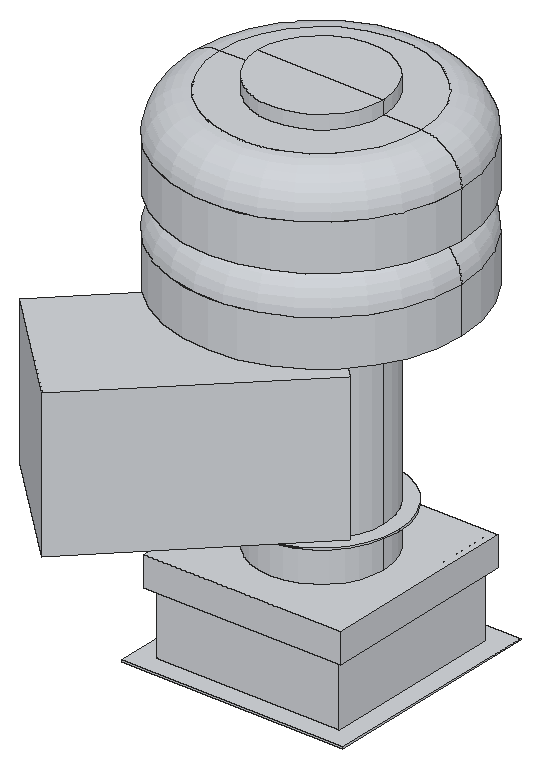
Revit family "QMXS", category Mechanical Equipment, Revit 2019
Family settings
  Round Connector Dimension = Use Diameter
  Part Type = Normal
  Work Plane-Based = No
  Always vertical = Yes
  Cut with Voids When Loaded = No
  Shared = No
  Room Calculation Point = No
Parameters (values of type "90_QMXS")
  Unit Weight [instance] = ""
  T_SQ/2 = T_SQ / 2  # 0' - 7 3/4"
  T_SQ = B - 0' 4 1/2"  # 1' - 3 1/2"
  Sones [instance] = ""
  QMX_LENGTH = 1' - 7 7/8"
  Motor RPM [instance] = ""
  Motor Enclosure [instance] = ""
  ModelID [instance] = ""
  MC_LENGTH = QMX_LENGTH * 0.8  # 1' - 3.9"
  LwA [instance] = ""
  G/2 = G / 2  # 1' - 2 9/32"
  G = 2' - 4 9/16"
  Fan RPM [instance] = ""
  FAN_RADIUS/5 = FAN_RADIUS / 5  # 0' - 1 9/32"
  FAN_RADIUS = FAN_DIA / 2  # 0' - 6 13/32"
  FAN_RAD+1.5" = FAN_RADIUS + 0' 1 1/2"  # 0' - 7 29/32"
  FAN_DIA = 1' - 0 13/16"
  F = 1' - 9 1/4"
  E = 1' - 10 1/2"
  DUCT_COLLAR = 1' - 0 13/16"
  DC/2 = DUCT_COLLAR / 2  # 0' - 6 13/32"
  D-(G/2) = D - (G / 2)  # 1' - 11 3/32"
  D = 3' - 1 3/8"
  CURB_HEIGHT [instance] = 0' - 9 1/2"
  CURB [instance] = yes
  C/2 = C / 2  # 0' - 1 1/2"
  C = 0' - 3"
  B/2 = B / 2  # 0' - 10"
  B = 1' - 8"
  Accessories [instance] = ""
  A/2 = A / 2  # 1' - 10 7/8"
  A = 3' - 9 3/4"
  3" = 0' - 3"  # constant formula
  Brake Hp [instance] = ""
  4" = 0' - 4"  # constant formula
  2' = 2' - 0"
  2" = 0' - 2"  # constant formula
  1" = 0' - 1"  # constant formula
  0 = 0' - 0"  # constant formula
  Voltage [instance] = 0 V
  URL = "www.lorencook.com"
  Type Comments = "Mixed-Flow Supply Blower Low Pressure Belt Drive Arrangement 9"
  Static Pressure [instance] = 0.00 in-wg
  Power [instance] = Voltage * Motor FLA * sqrt(if(Phase = 3, 3, 1))  # 0 VA
  Phase [instance] = 0
  Number of Poles [instance] = 1
  Motor Hp [instance] = "0"
  Motor FLA [instance] = 0 A
  Model = "QMXS"
  Manufacturer = "Loren Cook Company"
  CFM [instance] = 0 CFM
  1.5 = 0' - 1 1/2"  # constant formula
  ONE EIGTH = 0' - 0 1/8"  # constant formula
  (FAN_RADIUS)*.75 = (FAN_RADIUS) * 0.75  # 0' - 4 103/128"
  (B/2)-.125" = (B / 2) - 0' 0 1/8"  # 0' - 9 7/8"
  (A-QMX_LENGTH-7"-1")/2 = (A - QMX_LENGTH - 0' 7" - 0' 1 1/2") / 2  # 0' - 8 11/16"
Types (23): name | T_SQ/2 | T_SQ | QMX_LENGTH | MC_LENGTH | G/2 | G | FAN_RADIUS/5 | FAN_RADIUS | FAN_RAD+1.5" | FAN_DIA | F | E | DUCT_COLLAR | DC/2 | D-(G/2) | D | B/2 | B | A/2 | A | Type Comments | Model | (FAN_RADIUS)*.75 | (B/2)-.125" | (A-QMX_LENGTH-7"-1")/2
  (no name) | 0' - 7 3/4" | 1' - 3 1/2" | 1' - 7 7/8" | 1' - 3.9" | 1' - 2 9/32" | 2' - 4 9/16" | 0' - 1 9/32" | 0' - 6 13/32" | 0' - 7 29/32" | 1' - 0 13/16" | 1' - 9 1/4" | 1' - 10 1/2" | 1' - 0 13/16" | 0' - 6 13/32" | 1' - 11 3/32" | 3' - 1 3/8" | 0' - 10" | 1' - 8" | 1' - 10 7/8" | 3' - 9 3/4" | "Mixed-Flow Supply Blower Low Pressure Belt Drive Arrangement 9" | "QMXS" | 0' - 4 103/128" | 0' - 9 7/8" | 0' - 8 11/16"
  90_QMXS | 0' - 7 3/4" | 1' - 3 1/2" | 1' - 7 7/8" | 1' - 3.9" | 1' - 2 9/32" | 2' - 4 9/16" | 0' - 1 9/32" | 0' - 6 13/32" | 0' - 7 29/32" | 1' - 0 13/16" | 1' - 9 1/4" | 1' - 10 1/2" | 1' - 0 13/16" | 0' - 6 13/32" | 1' - 11 3/32" | 3' - 1 3/8" | 0' - 10" | 1' - 8" | 1' - 10 7/8" | 3' - 9 3/4" | "Mixed-Flow Supply Blower Low Pressure Belt Drive Arrangement 9" | "QMXS" | 0' - 4 103/128" | 0' - 9 7/8" | 0' - 8 11/16"
  300_QMXS | 2' - 0 3/4" | 4' - 1 1/2" | 4' - 6" | 3' - 7.2" | 3' - 0 13/16" | 6' - 1 5/8" | 0' - 4 1/4" | 1' - 9 1/4" | 1' - 10 3/4" | 3' - 6 1/2" | 3' - 1 5/8" | 3' - 4" | 3' - 6 1/2" | 1' - 9 1/4" | 3' - 9 3/16" | 6' - 10" | 2' - 3" | 4' - 6" | 3' - 6 25/32" | 7' - 1 9/16" | "Mixed-FlowSupply Blower Low Pressure Belt Drive Arrangement 9" | "QMXS" | 1' - 3 15/16" | 2' - 2 7/8" | 0' - 11 17/32"
  120_QMXS | 0' - 9 3/4" | 1' - 7 1/2" | 2' - 0" | 1' - 7.2" | 1' - 4 13/32" | 2' - 8 13/16" | 0' - 1.70625" | 0' - 8 17/32" | 0' - 10 1/32" | 1' - 5 1/16" | 2' - 0 3/8" | 2' - 1 3/8" | 1' - 5 1/16" | 0' - 8 17/32" | 2' - 3 7/32" | 3' - 7 5/8" | 1' - 0" | 2' - 0" | 1' - 11 11/32" | 3' - 10 11/16" | "Mixed-Flow Supply Blower Low Pressure Belt Drive Arrangement 9" | "QMXS" | 0' - 6 51/128" | 0' - 11 7/8" | 0' - 7 3/32"
  135_QMXS | 0' - 10 3/4" | 1' - 9 1/2" | 2' - 3" | 1' - 9.6" | 1' - 9 25/32" | 3' - 7 9/16" | 0' - 1.925" | 0' - 9 5/8" | 0' - 11 1/8" | 1' - 7 1/4" | 2' - 1 3/8" | 2' - 3 1/4" | 1' - 7 1/4" | 0' - 9 5/8" | 2' - 0 23/32" | 3' - 10 1/2" | 1' - 1" | 2' - 2" | 2' - 2 7/8" | 4' - 5 3/4" | "Mixed-Flow Supply Blower Low Pressure Belt Drive Arrangement 9" | "QMXS" | 0' - 7 7/32" | 1' - 0 7/8" | 0' - 9 1/8"
  150_QMXS | 1' - 0 3/4" | 2' - 1 1/2" | 2' - 6" | 2' - 0" | 1' - 9 25/32" | 3' - 7 9/16" | 0' - 2.1375" | 0' - 10 11/16" | 1' - 0 3/16" | 1' - 9 3/8" | 2' - 2 1/8" | 2' - 4" | 1' - 9 3/8" | 0' - 10 11/16" | 2' - 5 7/32" | 4' - 3" | 1' - 3" | 2' - 6" | 2' - 4 3/8" | 4' - 8 3/4" | "Mixed-Flow Supply Blower Low Pressure Belt Drive Arrangement 9" | "QMXS" | 0' - 8 1/64" | 1' - 2 7/8" | 0' - 9 1/8"
  165_QMXS | 1' - 3 1/4" | 2' - 6 1/2" | 2' - 9" | 2' - 2.4" | 1' - 11 13/16" | 3' - 11 5/8" | 0' - 2.35" | 0' - 11 3/4" | 1' - 1 1/4" | 1' - 11 1/2" | 2' - 3 1/8" | 2' - 5 13/16" | 1' - 11 1/2" | 0' - 11 3/4" | 2' - 7 3/16" | 4' - 7" | 1' - 5 1/2" | 2' - 11" | 2' - 7 1/4" | 5' - 2 1/2" | "Mixed-Flow Supply Blower Low Pressure Belt Drive Arrangement 9" | "QMXS" | 0' - 8 13/16" | 1' - 5 3/8" | 0' - 10 1/2"
  180_QMXS | 1' - 4 1/4" | 2' - 8 1/2" | 2' - 11" | 2' - 4" | 2' - 2 5/16" | 4' - 4 5/8" | 0' - 2 9/16" | 1' - 0 13/16" | 1' - 2 5/16" | 2' - 1 5/8" | 2' - 4 1/8" | 2' - 6 3/4" | 2' - 1 5/8" | 1' - 0 13/16" | 2' - 7 7/16" | 4' - 9 3/4" | 1' - 6 1/2" | 3' - 1" | 2' - 11 29/32" | 5' - 11 13/16" | "Mixed-Flow Supply Blower Low Pressure Belt Drive Arrangement 9" | "QMXS" | 0' - 9 39/64" | 1' - 6 3/8" | 1' - 2 5/32"
  202_QMXS | 1' - 5 3/4" | 2' - 11 1/2" | 2' - 11" | 2' - 4" | 2' - 7 5/16" | 5' - 2 5/8" | 0' - 2 9/16" | 1' - 0 13/16" | 1' - 2 5/16" | 2' - 1 5/8" | 2' - 5 1/2" | 2' - 8 1/8" | 2' - 4 3/4" | 1' - 2 3/8" | 2' - 6 1/2" | 5' - 1 13/16" | 1' - 8" | 3' - 4" | 3' - 2 1/32" | 6' - 4 1/16" | "Mixed-Flow Supply Blower Low Pressure Belt Drive Arrangement 9" | "QMXS" | 0' - 9 39/64" | 1' - 7 7/8" | 1' - 4 9/32"
  225_QMXS | 1' - 7 1/4" | 3' - 2 1/2" | 3' - 5" | 2' - 8.8" | 2' - 7 5/16" | 5' - 2 5/8" | 0' - 3.19375" | 1' - 3 31/32" | 1' - 5 15/32" | 2' - 7 15/16" | 2' - 9" | 2' - 11 1/2" | 2' - 7 15/16" | 1' - 3 31/32" | 3' - 0 13/16" | 5' - 8 1/8" | 1' - 9 1/2" | 3' - 7" | 3' - 3 25/32" | 6' - 7 9/16" | "Mixed-Flow Supply Blower Low Pressure Belt Drive Arrangement 9" | "QMXS" | 0' - 11 125/128" | 1' - 9 3/8" | 1' - 3 1/32"
  245_QMXS | 1' - 8 3/4" | 3' - 5 1/2" | 3' - 8 1/2" | 2' - 11.6" | 3' - 0 13/16" | 6' - 1 5/8" | 0' - 3.475" | 1' - 5 3/8" | 1' - 6 7/8" | 2' - 10 3/4" | 2' - 10 1/8" | 3' - 0 5/8" | 2' - 10 3/4" | 1' - 5 3/8" | 2' - 11" | 5' - 11 13/16" | 1' - 11" | 3' - 10" | 3' - 1 23/32" | 6' - 3 7/16" | "Mixed-Flow Supply Blower Low Pressure Belt Drive Arrangement 9" | "QMXS" | 1' - 1 1/32" | 1' - 10 7/8" | 0' - 11 7/32"
  270_QMXS | 1' - 10 3/4" | 3' - 9 1/2" | 3' - 11" | 3' - 1.6" | 3' - 0 13/16" | 6' - 1 5/8" | 0' - 3.83125" | 1' - 7 5/32" | 1' - 8 21/32" | 3' - 2 5/16" | 2' - 11 9/16" | 3' - 2" | 3' - 2 5/16" | 1' - 7 5/32" | 3' - 3 1/2" | 6' - 4 5/16" | 2' - 1" | 4' - 2" | 3' - 3 3/32" | 6' - 6 3/16" | "Mixed-Flow Supply Blower Low Pressure Belt Drive Arrangement 9" | "QMXS" | 1' - 2 47/128" | 2' - 0 7/8" | 0' - 11 11/32"
  120_QMXS-HP | 0' - 9 3/4" | 1' - 7 1/2" | 2' - 0" | 1' - 7.2" | 1' - 4 13/32" | 2' - 8 13/16" | 0' - 1.70625" | 0' - 8 17/32" | 0' - 10 1/32" | 1' - 5 1/16" | 2' - 0 3/8" | 2' - 1 3/8" | 1' - 5 1/16" | 0' - 8 17/32" | 2' - 3 7/32" | 3' - 7 5/8" | 1' - 0" | 2' - 0" | 1' - 11 11/32" | 3' - 10 11/16" | "Mixed-Flow Supply Blower High Pressure Belt Drive Arrangement 9" | "QMXS-HP" | 0' - 6 51/128" | 0' - 11 7/8" | 0' - 7 3/32"
  135_QMXS-HP | 0' - 10 3/4" | 1' - 9 1/2" | 2' - 3" | 1' - 9.6" | 1' - 9 25/32" | 3' - 7 9/16" | 0' - 1.925" | 0' - 9 5/8" | 0' - 11 1/8" | 1' - 7 1/4" | 2' - 1 3/8" | 2' - 3 1/4" | 1' - 7 1/4" | 0' - 9 5/8" | 2' - 0 23/32" | 3' - 10 1/2" | 1' - 1" | 2' - 2" | 2' - 2 7/8" | 4' - 5 3/4" | "Mixed-Flow Supply Blower High Pressure Belt Drive Arrangement 9" | "QMXS-HP" | 0' - 7 7/32" | 1' - 0 7/8" | 0' - 9 1/8"
  150_QMXS-HP | 1' - 0 3/4" | 2' - 1 1/2" | 2' - 6" | 2' - 0" | 1' - 9 25/32" | 3' - 7 9/16" | 0' - 2.1375" | 0' - 10 11/16" | 1' - 0 3/16" | 1' - 9 3/8" | 2' - 2 1/8" | 2' - 4" | 1' - 9 3/8" | 0' - 10 11/16" | 2' - 5 7/32" | 4' - 3" | 1' - 3" | 2' - 6" | 2' - 4 3/8" | 4' - 8 3/4" | "Mixed-Flow Supply Blower High Pressure Belt Drive Arrangement 9" | "QMXS-HP" | 0' - 8 1/64" | 1' - 2 7/8" | 0' - 9 1/8"
  165_QMXS-HP | 1' - 3 1/4" | 2' - 6 1/2" | 2' - 9" | 2' - 2.4" | 1' - 11 13/16" | 3' - 11 5/8" | 0' - 2.35" | 0' - 11 3/4" | 1' - 1 1/4" | 1' - 11 1/2" | 2' - 3 1/8" | 2' - 5 13/16" | 1' - 11 1/2" | 0' - 11 3/4" | 2' - 7 3/16" | 4' - 7" | 1' - 5 1/2" | 2' - 11" | 2' - 7 1/4" | 5' - 2 1/2" | "Mixed-Flow Supply Blower High Pressure Belt Drive Arrangement 9" | "QMXS-HP" | 0' - 8 13/16" | 1' - 5 3/8" | 0' - 10 1/2"
  180_QMXS-HP | 1' - 4 1/4" | 2' - 8 1/2" | 2' - 11" | 2' - 4" | 2' - 2 5/16" | 4' - 4 5/8" | 0' - 2 9/16" | 1' - 0 13/16" | 1' - 2 5/16" | 2' - 1 5/8" | 2' - 4 1/8" | 2' - 6 3/4" | 2' - 1 5/8" | 1' - 0 13/16" | 2' - 7 7/16" | 4' - 9 3/4" | 1' - 6 1/2" | 3' - 1" | 2' - 11 29/32" | 5' - 11 13/16" | "Mixed-Flow Supply Blower High Pressure Belt Drive Arrangement 9" | "QMXS-HP" | 0' - 9 39/64" | 1' - 6 3/8" | 1' - 2 5/32"
  202_QMXS-HP | 1' - 5 3/4" | 2' - 11 1/2" | 2' - 11" | 2' - 4" | 2' - 7 5/16" | 5' - 2 5/8" | 0' - 2 9/16" | 1' - 0 13/16" | 1' - 2 5/16" | 2' - 1 5/8" | 2' - 5 1/2" | 2' - 8 1/8" | 2' - 4 3/4" | 1' - 2 3/8" | 2' - 6 1/2" | 5' - 1 13/16" | 1' - 8" | 3' - 4" | 3' - 2 1/32" | 6' - 4 1/16" | "Mixed-Flow Supply Blower High Pressure Belt Drive Arrangement 9" | "QMXS-HP" | 0' - 9 39/64" | 1' - 7 7/8" | 1' - 4 9/32"
  225_QMXS-HP | 1' - 7 1/4" | 3' - 2 1/2" | 3' - 5" | 2' - 8.8" | 2' - 7 5/16" | 5' - 2 5/8" | 0' - 3.19375" | 1' - 3 31/32" | 1' - 5 15/32" | 2' - 7 15/16" | 2' - 9" | 2' - 11 1/2" | 2' - 7 15/16" | 1' - 3 31/32" | 3' - 0 13/16" | 5' - 8 1/8" | 1' - 9 1/2" | 3' - 7" | 3' - 3 25/32" | 6' - 7 9/16" | "Mixed-Flow Supply Blower High Pressure Belt Drive Arrangement 9" | "QMXS-HP" | 0' - 11 125/128" | 1' - 9 3/8" | 1' - 3 1/32"
  245_QMXS-HP | 1' - 8 3/4" | 3' - 5 1/2" | 3' - 8 1/2" | 2' - 11.6" | 3' - 0 13/16" | 6' - 1 5/8" | 0' - 3.475" | 1' - 5 3/8" | 1' - 6 7/8" | 2' - 10 3/4" | 2' - 10 1/8" | 3' - 0 5/8" | 2' - 10 3/4" | 1' - 5 3/8" | 2' - 11" | 5' - 11 13/16" | 1' - 11" | 3' - 10" | 3' - 1 23/32" | 6' - 3 7/16" | "Mixed-Flow Supply Blower High Pressure Belt Drive Arrangement 9" | "QMXS-HP" | 1' - 1 1/32" | 1' - 10 7/8" | 0' - 11 7/32"
  270_QMXS-HP | 1' - 10 3/4" | 3' - 9 1/2" | 3' - 11" | 3' - 1.6" | 3' - 0 13/16" | 6' - 1 5/8" | 0' - 3.83125" | 1' - 7 5/32" | 1' - 8 21/32" | 3' - 2 5/16" | 2' - 11 9/16" | 3' - 2" | 3' - 2 5/16" | 1' - 7 5/32" | 3' - 3 1/2" | 6' - 4 5/16" | 2' - 1" | 4' - 2" | 3' - 3 3/32" | 6' - 6 3/16" | "Mixed-Flow Supply Blower High Pressure Belt Drive Arrangement 9" | "QMXS-HP" | 1' - 2 47/128" | 2' - 0 7/8" | 0' - 11 11/32"
  300_QMXS-HP | 2' - 0 3/4" | 4' - 1 1/2" | 4' - 6" | 3' - 7.2" | 3' - 0 13/16" | 6' - 1 5/8" | 0' - 4 1/4" | 1' - 9 1/4" | 1' - 10 3/4" | 3' - 6 1/2" | 3' - 1 5/8" | 3' - 4" | 3' - 6 1/2" | 1' - 9 1/4" | 3' - 9 3/16" | 6' - 10" | 2' - 3" | 4' - 6" | 3' - 6 25/32" | 7' - 1 9/16" | "Mixed-Flow Supply Blower High Pressure Belt Drive Arrangement 9" | "QMXS-HP" | 1' - 3 15/16" | 2' - 2 7/8" | 0' - 11 17/32"
  90_QMXS-HP | 0' - 7 3/4" | 1' - 3 1/2" | 1' - 7 7/8" | 1' - 3.9" | 1' - 2 9/32" | 2' - 4 9/16" | 0' - 1 9/32" | 0' - 6 13/32" | 0' - 7 29/32" | 1' - 0 13/16" | 1' - 9 1/4" | 1' - 10 1/2" | 1' - 0 13/16" | 0' - 6 13/32" | 1' - 11 3/32" | 3' - 1 3/8" | 0' - 10" | 1' - 8" | 1' - 10 7/8" | 3' - 9 3/4" | "Mixed-Flow Supply Blower High Pressure Belt Drive Arrangement 9" | "QMXS-HP" | 0' - 4 103/128" | 0' - 9 7/8" | 0' - 8 11/16"
Reference planes (in)
  plane 1 "Center (Front/Back)": y = 0
  plane 2: z = 0
  plane 3 "Center (Left/Right)": x = 0.40541
Forms (in)
  Extrusion 1, solid
    sketch origin (0, 0, 0) x (1, 0, 0) y (0, 1, 0)
      loop
        line (-9.59459, 10) -> (-9.59459, -10) -> (10.40541, -10) -> (10.40541, 10) -> (-9.59459, 10)
    from 0 to 3 <- "C"
  Extrusion 2, void
    sketch origin (0, 0, 0) x (1, 0, 0) y (0, 1, 0)
      loop
        line (-9.46959, 9.875) -> (-9.46959, -9.875) -> (10.28041, -9.875) -> (10.28041, 9.875) -> (-9.46959, 9.875)
    from 0 to 2.875
  Extrusion 3, solid
    sketch origin (0, 0, 0) x (1, 0, 0) y (0, 1, 0)
      loop
        circle (0.40541, 0) r 6.40625
    from 3 to 7
  Extrusion 4, solid
    sketch origin (0, 0, 0) x (1, 0, 0) y (0, 1, 0)
      loop
        circle (0.40541, 0) r 7.90625
      loop
        circle (0.40541, 0) r 4.80469
    from 7 to 7.125
  Revolve 5, solid
    sketch origin (0, 0, 0) x (1, 0, 0) y (0, 0, 1)
      loop
        line (-6.00084, 7.125) -> (-4.39928, 7.125)
        arc (-4.39928, 7.125) -> (-3.49329, 7.50027) -> (-3.11803, 8.40625) r 1.28125
        line (-3.11803, 8.40625) -> (0.40541, 8.40625) -> (0.40541, 27) -> (-6.00084, 27) -> (-6.00084, 7.125)
      axis (0.40541, 7.125) -> (0.40541, 27)
    angle from 0 to 360
  Revolve 6, solid
    sketch origin (0, 0, 0) x (1, 0, 0) y (0, 0, 1)
      loop
        line (0.40541, 27) -> (14.68666, 27) -> (14.68666, 31.6875)
        arc (14.68666, 31.6875) -> (13.51509, 34.51593) -> (10.68666, 35.6875) r 4
        line (10.68666, 35.6875) -> (14.68666, 35.6875) -> (14.68666, 40.375)
        arc (14.68666, 40.375) -> (13.51509, 43.20343) -> (10.68666, 44.375) r 4
        line (10.68666, 44.375) -> (6.81166, 44.375) -> (6.81166, 45.75) -> (0.40541, 45.75) -> (0.40541, 27)
      axis (0.40541, 27) -> (0.40541, 45.75)
    angle from 0 to 360
  Extrusion 7, solid
    sketch origin (0, 0, 7.125) x (1, 0, 0) y (0, 1, 0)
      loop
        line (-20.84459, -11.60623) -> (-9.95082, -22.5) -> (7.41749, -5.13169) -> (-3.47628, 5.76208) -> (-20.84459, -11.60623)
    from 1 to 15.9 <- "MC_LENGTH"
  Extrusion 8, solid, visible <- "CURB"
    sketch origin (0, 0, 2.875) x (0, 1, 0) y (1, 0, 0)
      loop
        line (7.75, -7.34459) -> (7.75, 8.15541) -> (-7.75, 8.15541) -> (-7.75, -7.34459) -> (7.75, -7.34459)
      loop
        line (-9.25, 9.65541) -> (-9.25, -8.84459) -> (9.25, -8.84459) -> (9.25, 9.65541) -> (-9.25, 9.65541)
    from 0 to 9.5 <- "CURB_HEIGHT"
  Extrusion 9, solid, visible <- "CURB"
    sketch origin (0, 0, -6.625) x (-1, 0, 0) y (0, 1, 0)
      loop
        line (8.84459, 9.25) -> (-9.65541, 9.25) -> (-9.65541, -9.25) -> (8.84459, -9.25) -> (8.84459, 9.25)
      loop
        line (-11.65541, -11.25) -> (10.84459, -11.25) -> (10.84459, 11.25) -> (-11.65541, 11.25) -> (-11.65541, -11.25)
    from 0 to -0.125
Cuts and joins
  Extrusion 2 cuts Extrusion 1
Dimensions and locks (in)
  "B/2": Extrusion 1 sketch curve to plane 3 "Center (Left/Right)"
  "B/2": plane 3 "Center (Left/Right)" to Extrusion 1 sketch curve
  "B/2": plane 1 "Center (Front/Back)" to Extrusion 1 sketch curve
  "B/2": Extrusion 1 sketch curve to plane 1 "Center (Front/Back)"
  "(B/2)-.125"": Extrusion 2 sketch curve to plane 3 "Center (Left/Right)"
  "(B/2)-.125"": plane 3 "Center (Left/Right)" to Extrusion 2 sketch curve
  "(B/2)-.125"": plane 1 "Center (Front/Back)" to Extrusion 2 sketch curve
  "(B/2)-.125"": Extrusion 2 sketch curve to plane 1 "Center (Front/Back)"
  "0": Extrusion 3 sketch curve to plane 3 "Center (Left/Right)"
  "0": Extrusion 3 sketch curve to plane 1 "Center (Front/Back)"
  Extrusion 4 sketch curve to plane 3 "Center (Left/Right)" = 0' - 0"
  Extrusion 4 sketch curve to plane 1 "Center (Front/Back)" = 0' - 0"
  "0": Extrusion 4 sketch curve to plane 1 "Center (Front/Back)"
  "0": Extrusion 4 sketch curve to plane 3 "Center (Left/Right)"
  "0": Revolve 5 sketch curve to Extrusion 4
  "FAN_RADIUS": plane 3 "Center (Left/Right)" to Revolve 5 sketch curve
  "QMX_LENGTH": Revolve 5 sketch curve to Revolve 5 sketch curve
  "FAN_RADIUS/5": Revolve 5 sketch curve to Revolve 5 sketch curve
  "(FAN_RADIUS)*.75": Revolve 5 sketch curve to Revolve 5 sketch curve
  "0": plane 3 "Center (Left/Right)" to Revolve 5 sketch curve
  "0": Revolve 5 sketch curve to plane 3 "Center (Left/Right)"
  "0": Revolve 6 sketch curve to Revolve 5
  "G/2": Revolve 6 sketch curve to plane 3 "Center (Left/Right)"
  "0": Revolve 6 sketch curve to plane 3 "Center (Left/Right)"
  "D": Extrusion 7 sketch curve to cut or joined group of Extrusion 1, Extrusion 2
  "E": Extrusion 7 sketch curve to plane 1 "Center (Front/Back)"
  "F": Extrusion 7 sketch curve to plane 3 "Center (Left/Right)"
  "FAN_DIA": cut or joined group of Extrusion 1, Extrusion 2 to Extrusion 7 sketch curve
  "FAN_RADIUS": Revolve 6 sketch curve to plane 3 "Center (Left/Right)"
  "(A-QMX_LENGTH-7"-1")/2": Revolve 6 sketch curve to Revolve 6 sketch curve  (x2)
  "A": Revolve 6 sketch curve to level
  "0": Revolve 6 sketch curve to Revolve 6 sketch curve
  "1.5": Extrusion 8 sketch curve to Extrusion 8 sketch curve  (x4)
  "T_SQ/2": Extrusion 8 sketch curve to plane 3 "Center (Left/Right)"
  "T_SQ/2": plane 3 "Center (Left/Right)" to Extrusion 8 sketch curve
  "T_SQ/2": plane 1 "Center (Front/Back)" to Extrusion 8 sketch curve
  "T_SQ/2": Extrusion 8 sketch curve to plane 1 "Center (Front/Back)"
  "2"": Extrusion 9 sketch curve to Extrusion 9 sketch curve  (x4)
  "0": Extrusion 8 to Extrusion 9 sketch curve  (x2)
  "0": Extrusion 9 sketch curve to Extrusion 8  (x2)
  "FAN_RADIUS": radius of Extrusion 3 sketch curve
  "FAN_RAD+1.5"": radius of Extrusion 4 sketch curve
  "(FAN_RADIUS)*.75": radius of Extrusion 4 sketch curve
  "FAN_RADIUS/5": radius of Revolve 5 sketch curve
  "4"": radius of Revolve 6 sketch curve  (x2)
  angle plane 3 "Center (Left/Right)" to Extrusion 7 sketch curve = 135.00°
Automatic sketch dimensions
  Revolve 5 sketch curve to Revolve 5 sketch curve = 0' - 1"
  Revolve 5 sketch curve to Revolve 5 sketch curve = 0' - 5"
  Revolve 6 sketch curve to plane 3 "Center (Left/Right)" = 0' - 0"
  Revolve 6 sketch curve to Revolve 6 sketch curve = 0' - 7 1/2"
  Revolve 6 sketch curve to Revolve 6 sketch curve = 0' - 2 1/2"
Connectors (in)
  electrical at (-6.71355, -8.36896, 23.025)
    settings: on Extrusion 7, index 2, voltage 0 V, apparent load 0 VA, apparent load phase1 0 VA, apparent load phase2 0 VA, apparent load phase3 0 VA, power factor 1, load classification "Other", number of poles 1, system type 30, power factor state 1, is connector primary yes, connector utility no, sub classification motor no, connector description ""
  hvac at (0.40541, 0, 3), driven by "T_SQ", driven by "T_SQ", driven by "CFM"
    settings: on cut or joined group of Extrusion 1, Extrusion 2, index 3, duct flow 0 CFM, flow factor 0, pres drop 0.00 in-wg, loss coef 0, conn angle 0.00°, conn width 15 1/2", conn height 15 1/2", conn diameter 24", duct sys type 1, conn prof type 1, flow config 0, flow direction 2, loss method 0, conn ref index -1, conn util no, is conn primary yes, conn desc ""
